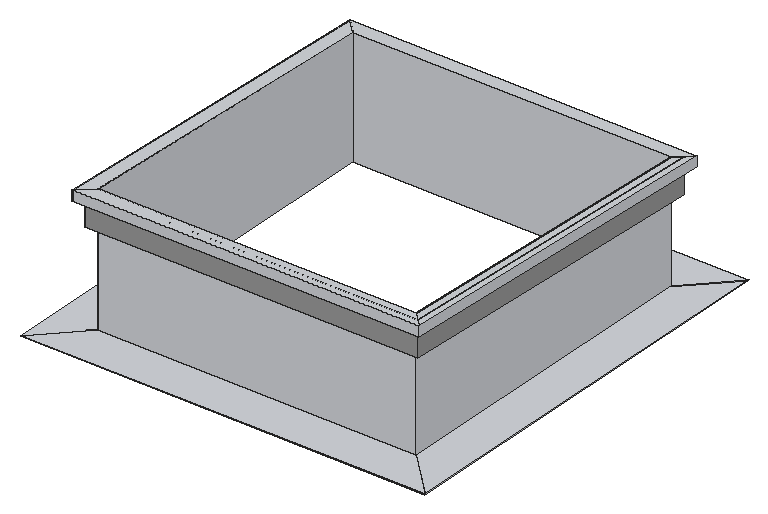
Revit family "UCC-5 (Sloped Roof)", category Mechanical Equipment, Revit 2015
Parameters
  W = 0' - 1 1/2"
  URL = "https://unitedenertech.com/catalog/pdf/M_4%20UCC-5.pdf"
  Type Comments = "Consult Factory for Max. Sizes"
  Roof Slope (Degrees) = 2.00°
  Model = "UCC-5"
  Manufacturer = "United Enertech Corporation"
  Height (12" Standard) = 1' - 0"
  Description = "Conventional Roof Curb (for Sloped Roof)"
  B Side O.D. = 3' - 0"
  A Side O.D. = 3' - 0"
Reference planes (in)
  plane 1 "Center (Front/Back)": y = 0
  plane 2: z = 0
  plane 3 "Center (Left/Right)": x = 0
  plane 4: z = 12
  plane 5: y = -18
  plane 6: y = -36
  plane 7: x = 18
  plane 8: x = -18
  plane 9: y = -1.5
  plane 10: y = -34.5
  plane 11: x = -16.5
  plane 12: x = 16.5
  plane 13: x = -21
  plane 14: y = -39
  plane 15: x = 21
  plane 16: y = 3
  plane 17: z = 11
  plane 18: y = -1.4522
  plane 19: y = -0.0478
  plane 20: y = -34.5478
  plane 21: y = -35.9522
  plane 22: z = 11.9522
  plane 23: z = 0.0478
  plane 24: y = -0.7022
  plane 25: y = -35.2978
  plane 26: z = 8.4522
  plane 27: x = -17.9522
  plane 28: x = -16.5478
  plane 29: x = -17.2978
  plane 30: x = 16.5478
  plane 31: x = 17.2978
  plane 32: x = 17.9522
Forms (in)
  Extrusion 1, solid
    sketch origin (0, 0, 0) x (0, 1, 0) y (0, 0, 1)
      loop
        line (3, 0.10476) -> (3, 0.15256) -> (-1.4522, -0.00291) -> (-1.4522, 11.9522) -> (-0.0478, 11.9522) -> (-0.0478, 11) -> (0, 11) -> (0, 12) -> (-1.5, 12) -> (-1.5, -0.05238) -> (3, 0.10476)
    from -21 to 21
  Extrusion 2, solid
    sketch origin (0, 0, 0) x (0, 1, 0) y (0, 0, 1)
      loop
        line (-34.5, 12) -> (-36, 12) -> (-36, 11) -> (-35.9522, 11) -> (-35.9522, 11.9522) -> (-34.5478, 11.9522) -> (-34.5478, -1.15864) -> (-39, -1.31411) -> (-39, -1.36191) -> (-34.5, -1.20477) -> (-34.5, 12)
    from -21 to 21
  Extrusion 3, solid, material "Wood (Oak)"
    sketch origin (0, 0, 0) x (0, 1, 0) y (0, 0, 1)
      loop
        line (-0.7022, 8.4522) -> (-0.7022, 11.9522) -> (-1.4522, 11.9522) -> (-1.4522, 8.4522) -> (-0.7022, 8.4522)
    from -21 to 21
  Extrusion 4, solid, material "Wood (Oak)"
    sketch origin (0, 0, 0) x (0, 1, 0) y (0, 0, 1)
      loop
        line (-34.5478, 8.4522) -> (-34.5478, 11.9522) -> (-35.2978, 11.9522) -> (-35.2978, 8.4522) -> (-34.5478, 8.4522)
    from -21 to 21
  Extrusion 5, solid
    sketch origin (0, 0, 0) x (1, 0, 0) y (0, 0, 1)
      loop
        line (-17.9522, 11) -> (-17.9522, 11.9522) -> (-16.5478, 11.9522) -> (-16.5478, -148.87342) -> (-16.5, -148.87342) -> (-16.5, 12) -> (-18, 12) -> (-18, 11) -> (-17.9522, 11)
    from -3 to 39
  Extrusion 6, solid, material "Wood (Oak)"
    sketch origin (0, 0, 0) x (1, 0, 0) y (0, 0, 1)
      loop
        line (-17.2978, 8.4522) -> (-16.5478, 8.4522) -> (-16.5478, 11.9522) -> (-17.2978, 11.9522) -> (-17.2978, 8.4522)
    from 39 to -3
  Extrusion 7, solid
    sketch origin (0, 0, 0) x (1, 0, 0) y (0, 0, 1)
      loop
        line (18, 12) -> (16.5, 12) -> (16.5, -148.91848) -> (16.5478, -148.91848) -> (16.5478, 11.9522) -> (17.9522, 11.9522) -> (17.9522, 11) -> (18, 11) -> (18, 12)
    from 39 to -3
  Extrusion 8, solid, material "Wood (Oak)"
    sketch origin (0, 0, 0) x (1, 0, 0) y (0, 0, 1)
      loop
        line (16.5478, 8.4522) -> (17.2978, 8.4522) -> (17.2978, 11.9522) -> (16.5478, 11.9522) -> (16.5478, 8.4522)
    from 39 to -3
  Extrusion 9, void
    sketch origin (0, 0, 0) x (0, 1, 0) y (0, 0, 1)
      loop
        line (66.37552, -173.33057) -> (66.37552, 2.36568) -> (-128.7297, -4.44754) -> (-128.7297, -173.33057) -> (66.37552, -173.33057)
    from -285.11532 to 293.30112
  Extrusion 10, solid
    sketch origin (0, 0, 0) x (0, 1, 0) y (0, 0, 1)
      loop
        line (3, 0.15256) -> (-39, -1.31411) -> (-39, -1.36191) -> (3, 0.10476) -> (3, 0.15256)
    from 16.5 to 21
  Extrusion 11, solid
    sketch origin (0, 0, 0) x (0, 1, 0) y (0, 0, 1)
      loop
        line (3, 0.15256) -> (-39, -1.31411) -> (-39, -1.36191) -> (3, 0.10476) -> (3, 0.15256)
    from -16.5 to -21
  Extrusion 12, void
    sketch origin (-293.03533, -21.87705, 0) x (1, 0, 0) y (0, 1, 0)
      loop
        line (272.03533, 24.87705) -> (492.65264, -195.74026) -> (492.65264, 24.87705) -> (272.03533, 24.87705)
    from -515.80795 to 296.79218
  Extrusion 13, void
    sketch origin (-191.63677, -5.72344, 0) x (1, 0, 0) y (0, 1, 0)
      loop
        line (170.63677, 8.72344) -> (170.63677, -141.27656) -> (320.63677, -141.27656) -> (170.63677, 8.72344)
    from -294.59061 to 251.15952
  Extrusion 14, void
    sketch origin (-335.56628, 128.90503, 0) x (1, 0, 0) y (0, 1, 0)
      loop
        line (209.66125, -21) -> (356.56628, -167.90503) -> (356.56628, -21) -> (209.66125, -21)
    from -273.90102 to 275.21467
  Extrusion 15, void
    sketch origin (-615.21111, 67.46108, 0) x (1, 0, 0) y (0, 1, 0)
      loop
        line (636.21111, -106.46108) -> (390.86587, 138.88416) -> (390.86587, -106.46108) -> (636.21111, -106.46108)
    from -691.40018 to 709.01617
  Extrusion 16, void
    sketch origin (-428.29086, -33.93219, 0) x (1, 0, 0) y (0, 1, 0)
      loop
        line (449.29086, 36.93219) -> (220.18826, 36.93219) -> (220.18826, -192.17041) -> (449.29086, 36.93219)
    from -676.1451 to 702.91414
  Extrusion 17, void
    sketch origin (-454.43193, -20.56287, 0) x (1, 0, 0) y (0, 1, 0)
      loop
        line (475.43193, 23.56287) -> (330.45423, -121.41484) -> (475.43193, -121.41484) -> (475.43193, 23.56287)
    from -660.89002 to 666.30195
  Extrusion 18, void
    sketch origin (-217, -4.5, 0) x (1, 0, 0) y (0, 1, 0)
      loop
        line (196, -34.5) -> (376, 145.5) -> (196, 145.5) -> (196, -34.5)
    from -679.19611 to 684.60804
  Extrusion 19, void
    sketch origin (-327.14499, 28.54726, 0) x (1, 0, 0) y (0, 1, 0)
      loop
        line (306.14499, -67.54726) -> (637.79888, -67.54726) -> (637.79888, 264.10664) -> (306.14499, -67.54726)
    from -813.88608 to 818.47159
Cuts and joins
  Extrusion 9, Extrusion 12, Extrusion 19 cuts Extrusion 5
  Extrusion 9, Extrusion 15, Extrusion 16 cuts Extrusion 7
  Extrusion 12, Extrusion 19 cuts Extrusion 11
  Extrusion 12, Extrusion 19 cuts Extrusion 6
  Extrusion 13, Extrusion 17 cuts Extrusion 1
  Extrusion 13, Extrusion 17 cuts Extrusion 3
  Extrusion 14, Extrusion 18 cuts Extrusion 2
  Extrusion 14, Extrusion 18 cuts Extrusion 4
  Extrusion 15, Extrusion 16 cuts Extrusion 10
  Extrusion 15, Extrusion 16 cuts Extrusion 8
Lines and regions (in)
  reference lines
    curve 1: line (0, 0, 0) -> (0, -59.96345, -2.09397)
    curve 2: line (0, 0, 0.0478) -> (0, -12.99208, -0.40589)
Dimensions and locks (in)
  "Height (12" Standard)": plane 4 to level
  equal spacing: plane 6, plane 5, plane 1 "Center (Front/Back)"
  "B Side O.D.": plane 6 to plane 1 "Center (Front/Back)"
  equal spacing: plane 8, plane 3 "Center (Left/Right)", plane 7
  "A Side O.D.": plane 8 to plane 7
  "W": plane 12 to plane 7
  "W": plane 8 to plane 11
  "W": plane 1 "Center (Front/Back)" to plane 9
  "W": plane 10 to plane 6
  locked: plane 14 to plane 6 at 3
  locked: plane 13 to plane 8 at 3
  locked: plane 7 to plane 15 at 3
  locked: plane 1 "Center (Front/Back)" to plane 16 at 3
  locked: plane 4 to plane 17 at 1
  locked: plane 18 to plane 9 at 0.0478
  locked: plane 1 "Center (Front/Back)" to plane 19 at 0.0478
  locked: plane 10 to plane 20 at 0.0478
  locked: plane 21 to plane 6 at 0.0478
  locked: plane 4 to plane 22 at 0.0478
  locked: level to plane 23 at 0.0478
  locked: plane 24 to plane 18 at 0.75
  locked: plane 20 to plane 25 at 0.75
  locked: plane 22 to plane 26 at 3.5
  locked: plane 8 to plane 27 at 0.0478
  locked: plane 11 to plane 28 at 0.0478
  locked: plane 28 to plane 29 at 0.75
  locked: plane 30 to plane 12 at 0.0478
  locked: plane 7 to plane 32 at 0.0478
  locked: plane 30 to plane 31 at 0.75
  "Roof Slope (Degrees)": angle curve 1 to level
  "Roof Slope (Degrees)": angle curve 2 to level
  locked: Extrusion 12 sketch curve to Extrusion 12 sketch curve (angle 45.00°)
  locked: Extrusion 13 sketch curve to Extrusion 13 sketch curve (angle 45.00°)
  locked: Extrusion 14 sketch curve to Extrusion 14 sketch curve (angle 45.00°)
  locked: Extrusion 15 sketch curve to Extrusion 15 sketch curve (angle 45.00°)
  locked: Extrusion 16 sketch curve to Extrusion 16 sketch curve (angle 45.00°)
  locked: Extrusion 17 sketch curve to Extrusion 17 sketch curve (angle 45.00°)
  locked: Extrusion 18 sketch curve to Extrusion 18 sketch curve (angle 45.00°)
  locked: Extrusion 19 sketch curve to Extrusion 19 sketch curve (angle 45.00°)
  aligned and locked: level to plane 2
  aligned and locked: plane 1 "Center (Front/Back)" to curve 1
  aligned and locked: level to curve 1
  aligned and locked: plane 23 to curve 2
  aligned and locked: plane 1 "Center (Front/Back)" to curve 2
  aligned and locked: plane 4 to Extrusion 1 sketch curve
  aligned and locked: Extrusion 1 sketch curve to plane 1 "Center (Front/Back)"
  aligned and locked: Extrusion 1 sketch curve to plane 19
  aligned and locked: Extrusion 1 sketch curve to plane 22
  aligned and locked: Extrusion 1 sketch curve to plane 17
  aligned and locked: plane 18 to Extrusion 1 sketch curve
  aligned and locked: Extrusion 1 sketch curve to plane 9
  aligned and locked: Extrusion 1 sketch curve to plane 16
  aligned and locked: Extrusion 1 sketch curve to curve 2
  aligned and locked: Extrusion 1 sketch curve to curve 1
  aligned and locked: Extrusion 1 to plane 13
  aligned and locked: Extrusion 1 to plane 15
  aligned and locked: plane 21 to Extrusion 2 sketch curve
  aligned and locked: plane 6 to Extrusion 2 sketch curve
  aligned and locked: Extrusion 2 sketch curve to plane 22
  aligned and locked: plane 4 to Extrusion 2 sketch curve
  aligned and locked: Extrusion 2 sketch curve to plane 20
  aligned and locked: plane 10 to Extrusion 2 sketch curve
  aligned and locked: Extrusion 2 sketch curve to plane 14
  aligned and locked: Extrusion 2 sketch curve to curve 2
  aligned and locked: curve 1 to Extrusion 2 sketch curve
  aligned and locked: Extrusion 2 sketch curve to plane 17
  aligned and locked: Extrusion 2 to plane 13
  aligned and locked: Extrusion 2 to plane 15
  aligned and locked: plane 24 to Extrusion 3 sketch curve
  aligned and locked: plane 22 to Extrusion 3 sketch curve
  aligned and locked: Extrusion 3 sketch curve to plane 18
  aligned and locked: Extrusion 3 sketch curve to plane 26
  aligned and locked: plane 22 to Extrusion 4 sketch curve
  aligned and locked: Extrusion 4 sketch curve to plane 26
  aligned and locked: plane 20 to Extrusion 4 sketch curve
  aligned and locked: plane 25 to Extrusion 4 sketch curve
  aligned and locked: Extrusion 3 to plane 13
  aligned and locked: Extrusion 3 to plane 15
  aligned and locked: Extrusion 4 to plane 13
  aligned and locked: Extrusion 4 to plane 15
  aligned and locked: Extrusion 5 sketch curve to plane 28
  aligned and locked: plane 11 to Extrusion 5 sketch curve
  aligned and locked: plane 8 to Extrusion 5 sketch curve
  aligned and locked: plane 17 to Extrusion 5 sketch curve
  aligned and locked: plane 27 to Extrusion 5 sketch curve
  aligned and locked: plane 22 to Extrusion 5 sketch curve
  aligned and locked: Extrusion 5 sketch curve to plane 4
  aligned and locked: Extrusion 6 sketch curve to plane 29
  aligned and locked: plane 22 to Extrusion 6 sketch curve
  aligned and locked: plane 28 to Extrusion 6 sketch curve
  aligned and locked: Extrusion 6 sketch curve to plane 26
  aligned and locked: plane 4 to Extrusion 7 sketch curve
  aligned and locked: Extrusion 7 sketch curve to plane 22
  aligned and locked: Extrusion 7 sketch curve to plane 17
  aligned and locked: plane 7 to Extrusion 7 sketch curve
  aligned and locked: Extrusion 7 sketch curve to plane 32
  aligned and locked: Extrusion 7 sketch curve to plane 30
  aligned and locked: Extrusion 7 sketch curve to plane 12
  aligned and locked: plane 22 to Extrusion 8 sketch curve
  aligned and locked: Extrusion 8 sketch curve to plane 31
  aligned and locked: Extrusion 8 sketch curve to plane 26
  aligned and locked: Extrusion 8 sketch curve to plane 30
  aligned and locked: Extrusion 6 to plane 16
  aligned and locked: Extrusion 5 to plane 16
  aligned and locked: Extrusion 6 to plane 14
  aligned and locked: Extrusion 5 to plane 14
  aligned and locked: Extrusion 8 to plane 14
  aligned and locked: Extrusion 7 to plane 14
  aligned and locked: Extrusion 8 to plane 16
  aligned and locked: Extrusion 7 to plane 16
  aligned and locked: Extrusion 9 sketch curve to curve 2
  aligned and locked: Extrusion 10 sketch curve to curve 2
  aligned and locked: Extrusion 10 sketch curve to plane 16
  aligned and locked: Extrusion 10 sketch curve to plane 14
  aligned and locked: Extrusion 10 sketch curve to curve 1
  aligned and locked: Extrusion 10 to plane 12
  aligned and locked: Extrusion 10 to plane 15
  aligned and locked: Extrusion 11 to plane 11
  aligned and locked: Extrusion 11 to plane 13
  aligned and locked: Extrusion 11 sketch curve to plane 16
  aligned and locked: Extrusion 11 sketch curve to plane 14
  aligned and locked: Extrusion 11 sketch curve to curve 2
  aligned and locked: Extrusion 11 sketch curve to curve 1
  aligned and locked: plane 13 to Extrusion 12 sketch curve
  aligned and locked: plane 16 to Extrusion 12 sketch curve
  aligned and locked: plane 13 to Extrusion 13 sketch curve
  aligned and locked: plane 16 to Extrusion 13 sketch curve
  aligned and locked: plane 14 to Extrusion 14 sketch curve
  aligned and locked: plane 15 to Extrusion 14 sketch curve
  aligned and locked: plane 15 to Extrusion 15 sketch curve
  aligned and locked: plane 14 to Extrusion 15 sketch curve
  aligned and locked: plane 15 to Extrusion 16 sketch curve
  aligned and locked: plane 16 to Extrusion 16 sketch curve
  aligned and locked: plane 16 to Extrusion 17 sketch curve
  aligned and locked: plane 15 to Extrusion 17 sketch curve
  aligned and locked: plane 13 to Extrusion 18 sketch curve
  aligned and locked: plane 14 to Extrusion 18 sketch curve
  aligned and locked: plane 13 to Extrusion 19 sketch curve
  aligned and locked: plane 14 to Extrusion 19 sketch curve
Automatic sketch dimensions
  Extrusion 5 sketch curve to level = 12' - 4.87342"
  Extrusion 7 sketch curve to level = 12' - 4.91848"
  Extrusion 9 sketch curve to plane 14 = 7' - 5.7297"
  Extrusion 9 sketch curve to plane 23 = 0' - 2.31788"
  Extrusion 9 sketch curve to level = 14' - 5.33057"
  Extrusion 12 sketch curve to plane 15 = 14' - 10.61732"
  Extrusion 13 sketch curve to plane 14 = 9' - 0"
  Extrusion 14 sketch curve to plane 16 = 8' - 8.90503"
  Extrusion 15 sketch curve to plane 13 = 16' - 11.34524"
  plane 15 to Extrusion 16 sketch curve = 19' - 1.1026"
  Extrusion 17 sketch curve to plane 14 = 8' - 6.97771"
  Extrusion 18 sketch curve to plane 16 = 11' - 6"
  Extrusion 19 sketch curve to plane 16 = 24' - 1.6539"
